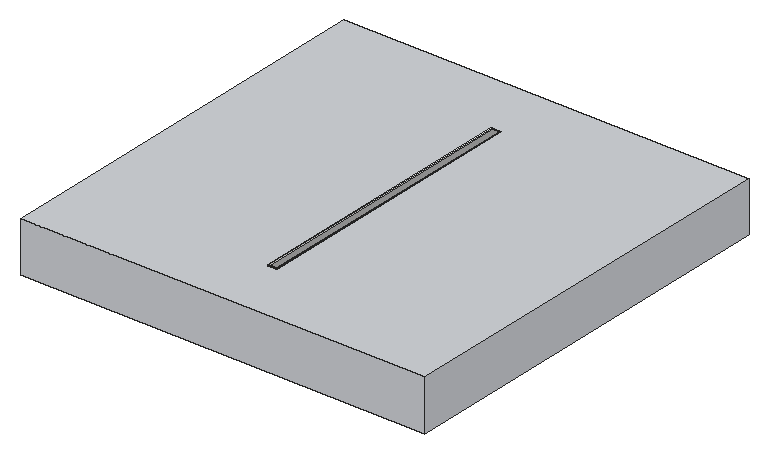
Revit family "LAMP_FIL 45 1680MM OPAL RECESSED", category Luminarias, Revit 2018
Family settings
  Anfitrión = Cara
  Cota de conector redondo = Diámetro de uso
  Tipo de pieza = Normal
  Corte con vacíos al cargar = No
  Origen de luz = Sí
  Compartido = No
  Punto de cálculo de habitación = No
Parameters (values of type "3900LM 3000K  BLACK")
  Ángulo de inclinación = -90.00°
  Weight = 3.72 kg
  Wattage = 24.7 W
  Type = "MID POWER TRIDONIC"
  built-in parameter 1150107 = 3000 (stored number, unit not read)
  Recessed dimensions = "1686x55x76"
  built-in parameter 1150110 = 1 (stored number, unit not read)
  built-in parameter 1150109 = 1 (stored number, unit not read)
  built-in parameter 1150112 = 1 (stored number, unit not read)
  built-in parameter 1150113 = 1 (stored number, unit not read)
  built-in parameter 1114218 = 1 (stored number, unit not read)
  Protection rating = "IP20 / IK07"
  Product datasheet = "http://www.lamp.es/product-files/TECH/F41RE168MOOP830NB-EN.pdf"
  Product code = "F41RE168MOOP830NB"
  Product URL = "https://www.lamp.es/en/family/fil-45_413951"
  Power Supply = "220-240V 50/60Hz"
  Power = 23 W
  Plum = 24.7 W
  Photobiological risk = ""
  NOT COVER 2 [instance] = not(END COVER 2)  # no
  NOT COVER 1 [instance] = not(END COVER 1)  # no
  built-in parameter 1150137 = (empty or 0)
  built-in parameter 1150132 = 2
  Modelo = Product code  # "F41RE168MOOP830NB"
  Model Explanation = ""
  Material suspension = LAMP_Acero genérico
  Material perfil = LAMP_Aluminio Perfil Fil NG
  Material difusor = LAMP_PC Difusor Opal Fil
  Manufacturer name = "LAMP"
  Manufacturer country = "Spain"
  Manufacturer URL = "http://www.lamp.es/en"
  MacAdam = "3"
  Longitud de línea de emisión = 1680 mm
  Last update = "25/03/2021"
  Lamp = "MID-POWER LED"
  LED Lifetime = "70.000 L80 B10"
  built-in parameter 1150105 = 982.71 (stored number, unit not read)
  built-in parameter 1150102 = (empty or 0)
  Insulation class = "I"
  Installation instructions = "https://www.lamp.es/product-files/INS/1004580-C%20INSTR.%20FIL45.pdf"
  built-in parameter 1150106 = 9.8271 (stored number, unit not read)
  IEE = "A+"
  Gear = "Electronic"
  Lumens = 2583.37 lm
  Finish = "Matte black RAL 9011"
  Color Filter = 16777215
  built-in parameter 1114217 = 1 (stored number, unit not read)
  built-in parameter 1150139 = (empty or 0)
  Fabricante = Manufacturer name  # "LAMP"
  Default Elevation = 1219.2 mm
  built-in parameter 1150104 = 9.7167 (stored number, unit not read)
  Efficacy = 104.59 lm/W
  END COVER 2 [instance] = yes
  END COVER 1 [instance] = yes
  Dimensions = "1680x55x76"
  Descripción = "FIL45 REC 1680 3900 WW OPAL BK."
  built-in parameter 1150115 = 1 (stored number, unit not read)
  built-in parameter 1150114 = 1 (stored number, unit not read)
  built-in parameter 1150138 = (empty or 0)
  built-in parameter 1150134 = 3
  Dimming Lamp Color Temperature Shift = (empty or 0)
  CRI = "80"
  Archivo de red fotométrica = "F41RE168MOOP830NB.IES"
  built-in parameter 1150133 = 10 (stored number, unit not read)
Types (24, lengths in mm): name | Weight | Wattage | built-in parameter 1150107 | Product datasheet | Product code | Power | Plum | Modelo | Material perfil | LED Lifetime | built-in parameter 1150105 | built-in parameter 1150106 | Lumens | Finish | built-in parameter 1150104 | Efficacy | Descripción | Archivo de red fotométrica
  3900LM 3000K DALI BLACK | 3.92 kg | 24.7 W | 3000 (stored number, unit not read) | "http://www.lamp.es/product-files/TECH/F41RE168MOOP830DB-EN.pdf" | "F41RE168MOOP830DB" | 23 W | 24.7 W | "F41RE168MOOP830DB" | LAMP_Aluminio Perfil Fil NG | "70.000 L80 B10" | 982.71 (stored number, unit not read) | 9.8271 (stored number, unit not read) | 2583.37 lm | "Matte black RAL 9011" | 9.7167 (stored number, unit not read) | 104.59 lm/W | "FIL45 REC 1680 3900 WW OPAL DALI BK." | "F41RE168MOOP830nB.IES"
  3900LM 3000K DALI GREY | 3.92 kg | 24.7 W | 3000 (stored number, unit not read) | "http://www.lamp.es/product-files/TECH/F41RE168MOOP830DG-EN.pdf" | "F41RE168MOOP830DG" | 23 W | 24.7 W | "F41RE168MOOP830DG" | LAMP_Aluminio Perfil Fil GR | "70.000 L80 B10" | 982.71 (stored number, unit not read) | 9.8271 (stored number, unit not read) | 2583.37 lm | "Gloss grey" | 9.7167 (stored number, unit not read) | 104.59 lm/W | "FIL45 REC 1680 3900 WW OPAL DALI GR." | "F41RE168MOOP830nG.IES"
  3900LM 3000K DALI WHITE | 3.92 kg | 24.7 W | 3000 (stored number, unit not read) | "http://www.lamp.es/product-files/TECH/F41RE168MOOP830DW-EN.pdf" | "F41RE168MOOP830DW" | 23 W | 24.7 W | "F41RE168MOOP830DW" | LAMP_Aluminio Perfil Fil BL | "70.000 L80 B10" | 982.71 (stored number, unit not read) | 9.8271 (stored number, unit not read) | 2583.37 lm | "Matte white RAL 9010" | 9.7167 (stored number, unit not read) | 104.59 lm/W | "FIL45 REC 1680 3900 WW OPAL DALI WH." | "F41RE168MOOP830nW.IES"
  3900LM 3000K  BLACK | 3.72 kg | 24.7 W | 3000 (stored number, unit not read) | "http://www.lamp.es/product-files/TECH/F41RE168MOOP830NB-EN.pdf" | "F41RE168MOOP830NB" | 23 W | 24.7 W | "F41RE168MOOP830NB" | LAMP_Aluminio Perfil Fil NG | "70.000 L80 B10" | 982.71 (stored number, unit not read) | 9.8271 (stored number, unit not read) | 2583.37 lm | "Matte black RAL 9011" | 9.7167 (stored number, unit not read) | 104.59 lm/W | "FIL45 REC 1680 3900 WW OPAL BK." | "F41RE168MOOP830NB.IES"
  3900LM 3000K  GREY | 3.72 kg | 24.7 W | 3000 (stored number, unit not read) | "http://www.lamp.es/product-files/TECH/F41RE168MOOP830NG-EN.pdf" | "F41RE168MOOP830NG" | 23 W | 24.7 W | "F41RE168MOOP830NG" | LAMP_Aluminio Perfil Fil GR | "70.000 L80 B10" | 982.43 (stored number, unit not read) | 9.8243 (stored number, unit not read) | 2582.63 lm | "Gloss grey" | 9.7139 (stored number, unit not read) | 104.59 lm/W | "FIL45 REC 1680 3900 WW OPAL GR." | "F41RE168MOOP830NG.IES"
  3900LM 3000K  WHITE | 3.72 kg | 24.7 W | 3000 (stored number, unit not read) | "http://www.lamp.es/product-files/TECH/F41RE168MOOP830NW-EN.pdf" | "F41RE168MOOP830NW" | 23 W | 24.7 W | "F41RE168MOOP830NW" | LAMP_Aluminio Perfil Fil BL | "70.000 L80 B10" | 982.71 (stored number, unit not read) | 9.8271 (stored number, unit not read) | 2583.37 lm | "Matte white RAL 9010" | 9.7167 (stored number, unit not read) | 104.59 lm/W | "FIL45 REC 1680 3900 WW OPAL WH." | "F41RE168MOOP830NW.IES"
  3900LM 4000K DALI BLACK | 3.92 kg | 24.7 W | 4000 (stored number, unit not read) | "http://www.lamp.es/product-files/TECH/F41RE168MOOP840DB-EN.pdf" | "F41RE168MOOP840DB" | 23 W | 24.7 W | "F41RE168MOOP840DB" | LAMP_Aluminio Perfil Fil NG | "70.000 L80 B10" | 1030.2 (stored number, unit not read) | 10.302 (stored number, unit not read) | 2708.11 lm | "Matte black RAL 9011" | 10.186 (stored number, unit not read) | 109.64 lm/W | "FIL45 REC 1680 3900 NW OPAL DALI BK." | "F41RE168MOOP840nB.IES"
  3900LM 4000K DALI GREY | 3.92 kg | 24.7 W | 4000 (stored number, unit not read) | "http://www.lamp.es/product-files/TECH/F41RE168MOOP840DG-EN.pdf" | "F41RE168MOOP840DG" | 23 W | 24.7 W | "F41RE168MOOP840DG" | LAMP_Aluminio Perfil Fil GR | "70.000 L80 B10" | 1030.2 (stored number, unit not read) | 10.302 (stored number, unit not read) | 2708.11 lm | "Gloss grey" | 10.186 (stored number, unit not read) | 109.64 lm/W | "FIL45 REC 1680 3900 NW OPAL DALI GR." | "F41RE168MOOP840nG.IES"
  3900LM 4000K DALI WHITE | 3.92 kg | 24.7 W | 4000 (stored number, unit not read) | "http://www.lamp.es/product-files/TECH/F41RE168MOOP840DW-EN.pdf" | "F41RE168MOOP840DW" | 23 W | 24.7 W | "F41RE168MOOP840DW" | LAMP_Aluminio Perfil Fil BL | "70.000 L80 B10" | 1030.2 (stored number, unit not read) | 10.302 (stored number, unit not read) | 2708.11 lm | "Matte white RAL 9010" | 10.186 (stored number, unit not read) | 109.64 lm/W | "FIL45 REC 1680 3900 NW OPAL DALI WH." | "F41RE168MOOP840nW.IES"
  3900LM 4000K  BLACK | 3.72 kg | 24.7 W | 4000 (stored number, unit not read) | "http://www.lamp.es/product-files/TECH/F41RE168MOOP840NB-EN.pdf" | "F41RE168MOOP840NB" | 23 W | 24.7 W | "F41RE168MOOP840NB" | LAMP_Aluminio Perfil Fil NG | "70.000 L80 B10" | 1030.2 (stored number, unit not read) | 10.302 (stored number, unit not read) | 2708.11 lm | "Matte black RAL 9011" | 10.186 (stored number, unit not read) | 109.64 lm/W | "FIL45 REC 1680 3900 NW OPAL BK." | "F41RE168MOOP840NB.IES"
  3900LM 4000K  GREY | 3.72 kg | 24.7 W | 4000 (stored number, unit not read) | "http://www.lamp.es/product-files/TECH/F41RE168MOOP840NG-EN.pdf" | "F41RE168MOOP840NG" | 23 W | 24.7 W | "F41RE168MOOP840NG" | LAMP_Aluminio Perfil Fil GR | "70.000 L80 B10" | 1030.2 (stored number, unit not read) | 10.302 (stored number, unit not read) | 2708.11 lm | "Gloss grey" | 10.186 (stored number, unit not read) | 109.64 lm/W | "FIL45 REC 1680 3900 NW OPAL GR." | "F41RE168MOOP840NG.IES"
  3900LM 4000K  WHITE | 3.72 kg | 24.7 W | 4000 (stored number, unit not read) | "http://www.lamp.es/product-files/TECH/F41RE168MOOP840NW-EN.pdf" | "F41RE168MOOP840NW" | 23 W | 24.7 W | "F41RE168MOOP840NW" | LAMP_Aluminio Perfil Fil BL | "70.000 L80 B10" | 1030.2 (stored number, unit not read) | 10.302 (stored number, unit not read) | 2708.11 lm | "Matte white RAL 9010" | 10.186 (stored number, unit not read) | 109.64 lm/W | "FIL45 REC 1680 3900 NW OPAL WH." | "F41RE168MOOP840NW.IES"
  9300LM 3000K DALI BLACK | 3.935 kg | 58.7 W | 3000 (stored number, unit not read) | "http://www.lamp.es/product-files/TECH/F41RE168HOOP830DB-EN.pdf" | "F41RE168HOOP830DB" | 54 W | 58.7 W | "F41RE168HOOP830DB" | LAMP_Aluminio Perfil Fil NG | "72.000 L80 B10" | 2128 (stored number, unit not read) | 21.28 (stored number, unit not read) | 5594.11 lm | "Matte black RAL 9011" | 8.8537 (stored number, unit not read) | 95.3 lm/W | "FIL45 REC 1680 9300 WW OPAL DALI BK." | "F41RE168HOOP830nB.IES"
  9300LM 3000K DALI GREY | 3.935 kg | 58.7 W | 3000 (stored number, unit not read) | "http://www.lamp.es/product-files/TECH/F41RE168HOOP830DG-EN.pdf" | "F41RE168HOOP830DG" | 54 W | 58.7 W | "F41RE168HOOP830DG" | LAMP_Aluminio Perfil Fil GR | "72.000 L80 B10" | 2128 (stored number, unit not read) | 21.28 (stored number, unit not read) | 5594.11 lm | "Gloss grey" | 8.8537 (stored number, unit not read) | 95.3 lm/W | "FIL45 REC 1680 9300 WW OPAL DALI BK." | "F41RE168HOOP830nG.IES"
  9300LM 3000K DALI WHITE | 3.935 kg | 58.7 W | 3000 (stored number, unit not read) | "http://www.lamp.es/product-files/TECH/F41RE168HOOP830DW-EN.pdf" | "F41RE168HOOP830DW" | 54 W | 58.7 W | "F41RE168HOOP830DW" | LAMP_Aluminio Perfil Fil BL | "72.000 L80 B10" | 2128 (stored number, unit not read) | 21.28 (stored number, unit not read) | 5594.11 lm | "Matte white RAL 9010" | 8.8537 (stored number, unit not read) | 95.3 lm/W | "FIL45 REC 1680 9300 WW OPAL DALI GR." | "F41RE168HOOP830nW.IES"
  9300LM 3000K  BLACK | 3.77 kg | 58.7 W | 3000 (stored number, unit not read) | "http://www.lamp.es/product-files/TECH/F41RE168HOOP830NB-EN.pdf" | "F41RE168HOOP830NB" | 54 W | 58.7 W | "F41RE168HOOP830NB" | LAMP_Aluminio Perfil Fil NG | "72.000 L80 B10" | 2128 (stored number, unit not read) | 21.28 (stored number, unit not read) | 5594.11 lm | "Matte black RAL 9011" | 8.8537 (stored number, unit not read) | 95.3 lm/W | "FIL45 REC 1680 9300 WW OPAL BK." | "F41RE168HOOP830NB.IES"
  9300LM 3000K  GREY | 3.77 kg | 58.7 W | 3000 (stored number, unit not read) | "http://www.lamp.es/product-files/TECH/F41RE168HOOP830NG-EN.pdf" | "F41RE168HOOP830NG" | 54 W | 58.7 W | "F41RE168HOOP830NG" | LAMP_Aluminio Perfil Fil GR | "72.000 L80 B10" | 2128 (stored number, unit not read) | 21.28 (stored number, unit not read) | 5594.11 lm | "Gloss grey" | 8.8537 (stored number, unit not read) | 95.3 lm/W | "FIL45 REC 1680 9300 WW OPAL GR." | "F41RE168HOOP830NG.IES"
  9300LM 3000K  WHITE | 3.77 kg | 58.7 W | 3000 (stored number, unit not read) | "http://www.lamp.es/product-files/TECH/F41RE168HOOP830NW-EN.pdf" | "F41RE168HOOP830NW" | 54 W | 58.7 W | "F41RE168HOOP830NW" | LAMP_Aluminio Perfil Fil BL | "72.000 L80 B10" | 2128 (stored number, unit not read) | 21.28 (stored number, unit not read) | 5594.11 lm | "Matte white RAL 9010" | 8.8537 (stored number, unit not read) | 95.3 lm/W | "FIL45 REC 1680 9300 WW OPAL WH." | "F41RE168HOOP830NW.IES"
  9300LM 4000K DALI BLACK | 3.935 kg | 58.7 W | 4000 (stored number, unit not read) | "http://www.lamp.es/product-files/TECH/F41RE168HOOP840DB-EN.pdf" | "F41RE168HOOP840DB" | 54 W | 58.7 W | "F41RE168HOOP840DB" | LAMP_Aluminio Perfil Fil NG | "72.000 L80 B10" | 2128 (stored number, unit not read) | 21.28 (stored number, unit not read) | 5594.11 lm | "Matte black RAL 9011" | 8.8537 (stored number, unit not read) | 95.3 lm/W | "FIL45 REC 1680 9300 NW OPAL DALI BK." | "F41RE168HOOP840nB.IES"
  9300LM 4000K DALI GREY | 3.935 kg | 58.7 W | 4000 (stored number, unit not read) | "http://www.lamp.es/product-files/TECH/F41RE168HOOP840DG-EN.pdf" | "F41RE168HOOP840DG" | 54 W | 58.7 W | "F41RE168HOOP840DG" | LAMP_Aluminio Perfil Fil GR | "72.000 L80 B10" | 2128 (stored number, unit not read) | 21.28 (stored number, unit not read) | 5594.11 lm | "Gloss grey" | 8.8537 (stored number, unit not read) | 95.3 lm/W | "FIL45 REC 1680 9300 NW OPAL DALI GR." | "F41RE168HOOP840nG.IES"
  9300LM 4000K DALI WHITE | 3.935 kg | 58.7 W | 4000 (stored number, unit not read) | "http://www.lamp.es/product-files/TECH/F41RE168HOOP840DW-EN.pdf" | "F41RE168HOOP840DW" | 54 W | 58.7 W | "F41RE168HOOP840DW" | LAMP_Aluminio Perfil Fil BL | "72.000 L80 B10" | 2128 (stored number, unit not read) | 21.28 (stored number, unit not read) | 5594.11 lm | "Matte white RAL 9010" | 8.8537 (stored number, unit not read) | 95.3 lm/W | "FIL45 REC 1680 9300 NW OPAL DALI WH." | "F41RE168HOOP840nW.IES"
  9300LM 4000K  BLACK | 3.77 kg | 58.7 W | 4000 (stored number, unit not read) | "http://www.lamp.es/product-files/TECH/F41RE168HOOP840NB-EN.pdf" | "F41RE168HOOP840NB" | 54 W | 58.7 W | "F41RE168HOOP840NB" | LAMP_Aluminio Perfil Fil NG | "72.000 L80 B10" | 2128 (stored number, unit not read) | 21.28 (stored number, unit not read) | 5594.11 lm | "Matte black RAL 9011" | 8.8537 (stored number, unit not read) | 95.3 lm/W | "FIL45 REC 1680 9300 NW OPAL BK." | "F41RE168HOOP840NB.IES"
  9300LM 4000K  GREY | 3.77 kg | 58.7 W | 4000 (stored number, unit not read) | "http://www.lamp.es/product-files/TECH/F41RE168HOOP840NG-EN.pdf" | "F41RE168HOOP840NG" | 54 W | 58.7 W | "F41RE168HOOP840NG" | LAMP_Aluminio Perfil Fil GR | "72.000 L80 B10" | 2128 (stored number, unit not read) | 21.28 (stored number, unit not read) | 5594.11 lm | "Gloss grey" | 8.8537 (stored number, unit not read) | 95.3 lm/W | "FIL45 REC 1680 9300 NW OPAL GR." | "F41RE168HOOP840NG.IES"
  9300LM 4000K  WHITE | 3.77 kg | 58.7 W | 4000 (stored number, unit not read) | "http://www.lamp.es/product-files/TECH/F41RE168HOOP840NW-EN.pdf" | "F41RE168HOOP840NW" | 54 W | 58.7 W | "F41RE168HOOP840NW" | LAMP_Aluminio Perfil Fil BL | "72.000 L80 B10" | 2128 (stored number, unit not read) | 21.28 (stored number, unit not read) | 5594.11 lm | "Matte white RAL 9010" | 8.8537 (stored number, unit not read) | 95.3 lm/W | "FIL45 REC 1680 9300 NW OPAL WH." | "F41RE168HOOP840NW.IES"
Reference planes
  plane 1 "Centro (Frontal/Posterior)": y = 0
  plane 2: z = 0
  plane 3 "Centro (Izquierda/Derecha)": x = 0
Forms (mm)
  Extrusion 1, solid
    sketch origin (0, 0, 0) x (1, 0, 0) y (0, 1, 0)
      loop
        line (-1219.2, 1219.2) -> (-1219.2, -1219.2) -> (1219.2, -1219.2) -> (1219.2, 1219.2) -> (-1219.2, 1219.2)
    from 0 to -304.8
  Extrusion 2, solid, material "LAMP_Aluminio Perfil Fil NG" <- "Material perfil"
    sketch origin (0, 0, -281.8) x (1, 0, 0) y (0, 0, 1)
      loop
        line (17.8, 259) -> (0, 259) -> (-17.8, 259) -> (-21.5, 259) -> (-21.5, 283) -> (-27.5, 283) -> (-27.5, 281.8) -> (-22.5, 281.8) -> (-22.5, 206.5) -> (22.5, 206.5) -> (22.5, 281.8) -> (27.5, 281.8) -> (27.5, 283) -> (21.5, 283) -> (21.5, 259) -> (17.8, 259)
    from -840 to 840
  Extrusion 3, solid, material "LAMP_PC Difusor Opal Fil" <- "Material difusor"
    sketch origin (0, 0, -281.8) x (1, 0, 0) y (0, 0, 1)
      loop
        line (-21.5, 283) -> (-21.5, 281.8) -> (21.5, 281.8) -> (21.5, 283) -> (-21.5, 283)
    from -840 to 840
Text (mm)
  text "Any modification of the parameters and properties of the LAMP BIM models must be executed and validated by the LAMP technical department.\nPhone: +34 93 736 68 00\nE-mail: lamp@lamp.es\n\nLAMP reserves the right to modify the technical specifications of its products." at (3112.338, 5316.624, -2868.509), in view "Preview"
Dimensions and locks
  aligned and locked: plane 2 to Extrusion 1
  aligned and locked: level to Extrusion 1
Nested families
  nested 1: "LAMP_FIL 45 END COVER RECESSED" at (0, -841, -75.3), visible <- "END COVER 1", type "Blanco"
  nested 2: "LAMP_FIL 45 END COVER RECESSED" at (0, 841, -75.3), visible <- "END COVER 2", type "Blanco"
Connectors
  electrical at (0, 0, -75.3)
    settings: on Extrusion 2, index 1, voltage 230 V, apparent load 0 VA, apparent load phase1 0 VA, apparent load phase2 0 VA, apparent load phase3 0 VA, power factor 1, load classification "Otro", number of poles 1, system type 31, power factor state 1, is connector primary yes, connector utility no, sub classification motor no, connector description ""
Definition of nested family "LAMP_FIL 45 END COVER RECESSED"
  Parameters (values of type "LAMP_FIL 45 END COVER RECESSED")
    Material tapa = none
  Reference planes
    plane 1 "Centro (Frontal/Posterior)": y = 0
    plane 2: z = 0
    plane 3 "Centro (Izquierda/Derecha)": x = 0
  Forms (mm)
    Extrusion 1, solid, material <- "Material tapa"
      sketch origin (0, 0, 76.8) x (0, -1, 0) y (0, 0, -1)
        loop
          line (1, 1.5) -> (1, 76.8) -> (-1, 76.8) -> (-1, 0.3) -> (4.5, 0.3) -> (4.5, 1.5) -> (1, 1.5)
      from -27.5 to 27.5
    Extrusion 2, void
      sketch origin (0, 0, 0) x (1, 0, 0) y (0, 0, 1)
        loop
          line (27.5, 75.3) -> (22.5, 75.3) -> (22.5, 0) -> (27.5, 0) -> (27.5, 75.3)
      from -23.5 to 23.5
    Extrusion 3, void
      sketch origin (0, 0, 0) x (1, 0, 0) y (0, 0, 1)
        loop
          line (-27.5, 75.3) -> (-27.5, 0) -> (-22.5, 0) -> (-22.5, 75.3) -> (-27.5, 75.3)
      from -23.5 to 23.5
  Cuts and joins
    Extrusion 2, Extrusion 3 cuts Extrusion 1
  Dimensions and locks
    aligned and locked: level to plane 2
